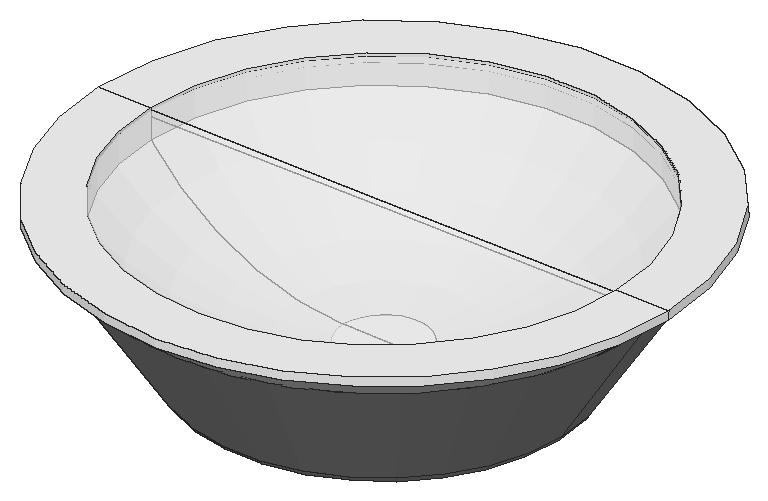
Revit family "0030304", category Lighting Fixtures, host Face, Revit 2016
Family settings
  Host = Face
  Part Type = Normal
  Round Connector Dimension = Use Diameter
  OmniClass Number = 23.80.70.00
  OmniClass Title = Lighting
  Cut with Voids When Loaded = No
  Light Source = Yes
  Shared = No
  Room Calculation Point = No
Parameters (values of type "0030304 Insaver Slim UGR19 IP44 205 2300lm 830")
  WidthBezel_SYL = if(Size1_SYL, 20 mm, if(Size2_SYL, 20 mm, if(Size3PIR_SYL, 30 mm, if(Size4_SYL, 20 mm, 20 mm))))  # 20 mm
  Weight = "8.64 kg"
  Wattage Comments = ""
  Wattage = 20 W
  WarrantyStartDate [instance] = "n/a"
  WarrantyGuarantorParts = "n/a"
  WarrantyDurationUnit = "n/a"
  WarrantyDurationParts = "n/a"
  WarrantyDescription = "n/a"
  built-in parameter 1150110 = 1 (stored number, unit not read)
  Voltage = 230 V
  VisibilityPIR_SYL = Size3PIR_SYL  # no
  URL = "http://www.sylvania-lighting.com"
  TypeName = "Insaver Slim UGR19 IP44 205 2300lm 830"
  Type Image = <None>
  Type Comments = "n/a"
  built-in parameter 1114217 = 1 (stored number, unit not read)
  Tilt Angle = -90.00°
  built-in parameter 1150109 = 1 (stored number, unit not read)
  built-in parameter 1150134 = (empty or 0)
  built-in parameter 1150113 = 1 (stored number, unit not read)
  Size4_SYL = yes
  Size3PIR_SYL = no
  Size2_SYL = no
  Size1_SYL = no
  SerialNumber [instance] = "n/a"
  RadiusTop_SYL = 6 mm
  RadiusReflector_SYL = if(Size1_SYL, 85 mm, if(Size2_SYL, 85 mm, if(Size3PIR_SYL, 85 mm, if(Size4_SYL, 100 mm, 120 mm))))  # 100 mm
  Photometric Web File = "0030304.ies"
  Material_3_FEILO = Top-Sylvania-STARTDownlight
  PowerFactor = 0.9
  PowerConsumption = "20 W"
  NominalLength = 220 mm
  NominalHeight = 60 mm
  NominalDepth = 220 mm
  Name = "Insaver Slim UGR19 IP44 205 2300lm 830"
  ModelReference = Name  # "Insaver Slim UGR19 IP44 205 2300lm 830"
  ModelNumber = "0030304"
  Model = Name  # "Insaver Slim UGR19 IP44 205 2300lm 830"
  Material = "aluminium housing, na diffuser"
  ManufacturerName = "Feilo Sylvania"
  Manufacturer = "Feilo Sylvania"
  LuminousEfficacy = "115 lm/W"
  built-in parameter 1150105 = 183.03 (stored number, unit not read)
  Lumens = 2300 lm
  LuminaireType = ""
  built-in parameter 1150115 = 1 (stored number, unit not read)
  LightOutputRatio = "n/a"
  built-in parameter 1150137 = (empty or 0)
  built-in parameter 1150139 = (empty or 0)
  LampsType = Lamp  # "LED"
  LampNominalLuminous = "2300 lm"
  LampMacAdamStep = "5"
  LampColourTemperature = "3000 K"
  LampColourRenderingIndex = "80"
  built-in parameter 1150112 = 1 (stored number, unit not read)
  built-in parameter 1150114 = 1 (stored number, unit not read)
  Lamp = "LED"
  Keynote = "16500"
  InstallationDate [instance] = "n/a"
  InputVoltage = "AC 220-240 V"
  InputNominalFrequency = "50/60 Hz"
  built-in parameter 1150132 = (empty or 0)
  built-in parameter 1150102 = (empty or 0)
  built-in parameter 1150107 = 3000 (stored number, unit not read)
  built-in parameter 1150138 = (empty or 0)
  IngressProtection = "IP40/20"
  ImpactProtectionIndex = "IK07"
  built-in parameter 1150106 = 1.8303 (stored number, unit not read)
  IfcExportType = "IfcLightFixtureType"
  IfcExportAs = "IfcLightFixtureType"
  Height_SYL = if(Size1_SYL, 61 mm, if(Size2_SYL, 61 mm, if(Size3PIR_SYL, 61 mm, if(Size4_SYL, 61 mm, 60 mm))))  # 61 mm
  HeightBezel_SYL = if(Size1_SYL, 3 mm, if(Size2_SYL, 3 mm, if(Size3PIR_SYL, 3 mm, if(Size4_SYL, 3.2 mm, 3 mm))))  # 3.2 mm
  ExpectedLife = 50000
  Emit from Circle Diameter = Diameter_SYL - 40 mm  # 180 mm
  Emit Shape Visible in Rendering = no
  ElectricShockClassification = "Class II"
  built-in parameter 1150104 = 10.684 (stored number, unit not read)
  DurationUnit = "hours"
  DocumentationLiterature = "http://www.sylvania-lighting.com/product/en-int/products/0030304"
  DimmingControlOptions = "n/a"
  Material_2_FEILO = Diffuser-Sylvania-STARTDownlight
  Dimming Lamp Color Temperature Shift = <None>
  Diameter_SYL = if(Size1_SYL, 165 mm, if(Size2_SYL, 190 mm, if(Size3PIR_SYL, 211 mm, if(Size4_SYL, 220 mm, 240 mm))))  # 220 mm
  DiameterTop_SYL = if(Size1_SYL, 98 mm, if(Size2_SYL, 122 mm, if(Size3PIR_SYL, 120 mm, if(Size4_SYL, 135 mm, 158 mm))))  # 135 mm
  DiameterTopBase_SYL = DiameterRecess_SYL  # 200 mm
  DiameterRecess_SYL = if(Size1_SYL, 150 mm, if(Size2_SYL, 170 mm, if(Size3PIR_SYL, 186 mm, if(Size4_SYL, 200 mm, 225 mm))))  # 200 mm
  Description = ""
  Default Elevation = 1219.2 mm
  CreatedOn = "3/18/2019"
  CreatedBy = "@sylvania-lighting.com"
  Cost = 0
  Color Filter = 16777215
  built-in parameter 1114216 [instance] = (empty or 0)
  ClassificationValue = "EF_70_80"
  ClassificationName = "Uniclass2015"
  Material_1_FEILO = Trim-Sylvania-STARTDownlight-White
  BarCode [instance] = "n/a"
  built-in parameter 1114218 = 1 (stored number, unit not read)
  built-in parameter 1150133 = 10 (stored number, unit not read)
  AssetType = "Fixed"
  AssetIdentifier [instance] = "n/a"
  Assembly Code = "D5020200"
  Apparent Load = 20 VA
  Material_4_FEILO = LED-Sylvania-STARTDownlight
Types (2, lengths in mm): name | Wattage | Photometric Web File | PowerConsumption | LuminousEfficacy | built-in parameter 1150105 | Lumens | LampNominalLuminous | built-in parameter 1150106 | built-in parameter 1150104 | Apparent Load
  0030304 Insaver Slim UGR19 IP44 205 2300lm 830 | 20 W | "0030304.ies" | "20 W" | "115 lm/W" | 183.03 (stored number, unit not read) | 2300 lm | "2300 lm" | 1.8303 (stored number, unit not read) | 10.684 (stored number, unit not read) | 20 VA
  0030304 Insaver Slim UGR19 IP44 205 2300lm 830 Emergency mode | 23 W | "0030304EM.ies" | "23 W" | "16.7 lm/W" | 30.566 (stored number, unit not read) | 384.1 lm | "384 lm" | 0.30566 (stored number, unit not read) | 1.5515 (stored number, unit not read) | 23 VA
Reference planes
  plane 1 "Center (Front/Back)": y = 0
  plane 2: z = 0
  plane 3 "Center (Left/Right)": x = 0
  plane 4: x = 110
  plane 5: x = -110
  plane 6: z = 3.2
  plane 7: z = -8
  plane 8: z = -57.8
  plane 9: x = -100
  plane 10: x = 100
  plane 11: x = -67.5
  plane 12: x = 67.5
  plane 13: z = -85
  plane 14: x = -90
  plane 15: z = 2.2
  plane 16: z = -45.8
  plane 17: x = -16
  plane 18: x = -95
  plane 19: x = -81.5
  plane 20: x = -99.5
  plane 21: x = -104
  plane 22: z = 5.7
  plane 23: z = 8.9
  plane 24: x = -103
  plane 25: z = 13.9
Forms (mm)
  Revolve 1, void
    sketch origin (0, 0, 0) x (1, 0, 0) y (0, 0, 1)
      loop
        line (0, 0) -> (-100, 0) -> (-100, -85) -> (0, -85) -> (0, 0)
      axis (0, 0) -> (0, -85)
    angle from 360 to 0
  Revolve 2, solid, material "Trim-Sylvania-STARTDownlight-White" <- "Material_1_FEILO"
    sketch origin (0, 0, 0) x (1, 0, 0) y (0, 0, 1)
      loop
        line (-90, 3.2) -> (-110, 3.2) -> (-110, 0) -> (-100, 0) -> (-100, -8) -> (-69.181, -54.568)
        arc (-69.181, -54.568) -> (-66.971, -56.929) -> (-63.857, -57.8) r 6
        line (-63.857, -57.8) -> (0, -57.8) -> (0, -45.8) -> (-16, -45.8)
        arc (-16, -45.8) -> (-57.112, -34.95) -> (-90, -8) r 100
        line (-90, -8) -> (-90, 3.2)
      axis (0, 3.2) -> (0, -57.8)
    angle from 360 to 0
  Revolve 3, solid, material "Diffuser-Sylvania-STARTDownlight" <- "Material_2_FEILO"
    sketch origin (0, 0, 0) x (1, 0, 0) y (0, 0, 1)
      loop
        line (-90, 0) -> (0, 0) -> (0, 2.2) -> (-90, 2.2) -> (-90, 0)
      axis (0, 2.2) -> (0, 0)
    angle from 360 to 0
  Revolve 4, solid, material "Trim-Sylvania-STARTDownlight-White" <- "Material_1_FEILO", visible <- "VisibilityPIR_SYL"
    sketch origin (0, 0, 0) x (1, 0, 0) y (0, 0, 1)
      loop
        line (-95, 3.2) -> (-95, 13.9)
        arc (-95, 13.9) -> (-99.717, 12.547) -> (-103, 8.9) r 8.9
        line (-103, 8.9) -> (-103, 5.7) -> (-104, 5.7) -> (-104, 3.2) -> (-95, 3.2)
      axis (-95, 13.9) -> (-95, 3.2)
    angle from 360 to 0
Dimensions and locks
  equal spacing: plane 4, plane 3 "Center (Left/Right)", plane 5
  "Diameter_SYL": plane 4 to plane 5
  equal spacing: plane 10, plane 3 "Center (Left/Right)", plane 9
  equal spacing: plane 12, plane 3 "Center (Left/Right)", plane 11
  "DiameterTop_SYL": plane 12 to plane 11
  "HeightBezel_SYL": plane 6 to plane 2
  "Height_SYL": plane 6 to plane 8
  locked: plane 2 to plane 7 at 8
  locked: plane 2 to plane 13 at 85
  "WidthBezel_SYL": plane 14 to plane 5
  locked: plane 6 to plane 15 at 1
  "DiameterRecess_SYL": plane 10 to plane 9
  locked: plane 3 "Center (Left/Right)" to plane 17 at 16
  locked: plane 16 to plane 8 at 12
  locked: plane 18 to plane 21 at 9
  locked: plane 22 to plane 6 at 2.5
  locked: plane 23 to plane 22 at 3.2
  locked: plane 18 to plane 24 at 8
  locked: plane 25 to plane 23 at 5
  locked: plane 25 to Revolve 4 sketch curve at 8.9
  locked: plane 18 to plane 5 at 15
  "RadiusReflector_SYL": radius of Revolve 2 sketch curve
  "RadiusTop_SYL": radius of Revolve 2 sketch curve
  aligned and locked: plane 2 to host face
  aligned and locked: level to host face
  aligned and locked: Revolve 1 sketch curve to plane 3 "Center (Left/Right)"
  aligned and locked: plane 3 "Center (Left/Right)" to Revolve 1 sketch curve
  aligned and locked: Revolve 1 sketch curve to plane 9
  aligned and locked: plane 13 to Revolve 1 sketch curve
  aligned and locked: plane 3 "Center (Left/Right)" to imposter light
  aligned and locked: imposter light to plane 15
  aligned and locked: imposter light to plane 1 "Center (Front/Back)"
  aligned and locked: Revolve 2 sketch curve to plane 3 "Center (Left/Right)"
  aligned and locked: Revolve 2 sketch curve to plane 6
  aligned and locked: Revolve 2 sketch curve to plane 5
  aligned and locked: Revolve 2 sketch curve to level
  aligned and locked: plane 7 to Revolve 2 sketch curve  (x2)
  aligned and locked: Revolve 2 sketch curve to plane 9
  aligned and locked: plane 8 to Revolve 2 sketch curve
  aligned and locked: Revolve 2 sketch curve to plane 14
  aligned and locked: plane 3 "Center (Left/Right)" to Revolve 2 sketch curve
  aligned and locked: Revolve 2 sketch curve to plane 16
  aligned and locked: Revolve 3 sketch curve to plane 3 "Center (Left/Right)"
  aligned and locked: Revolve 3 sketch curve to level
  aligned and locked: imposter light to Revolve 3 sketch curve  (x2)
  aligned and locked: Revolve 4 sketch curve to plane 18  (x2)
  aligned and locked: Revolve 4 sketch curve to plane 6
  aligned and locked: plane 22 to Revolve 4 sketch curve
  aligned and locked: plane 24 to Revolve 4 sketch curve
  aligned and locked: Revolve 4 sketch curve to Revolve 4 sketch curve
  aligned and locked: plane 21 to Revolve 4 sketch curve
Automatic sketch dimensions
  host sketch curve to host sketch curve = 2438.4 mm  (x2)
  plane 13 to Revolve 1 sketch curve = 524.6 mm
  Revolve 1 sketch curve to plane 6 = 2606.058 mm
  Revolve 1 sketch curve to level = 0 mm
  Revolve 2 sketch curve to plane 17 = 0 mm
  Revolve 2 sketch curve to plane 11 = 1.681 mm
  plane 11 to Revolve 2 sketch curve = 3.643 mm
  plane 13 to Revolve 2 sketch curve = 524.6 mm
  Revolve 2 sketch curve to Revolve 2 sketch curve = 2577.983 mm
  Revolve 3 sketch curve to plane 14 = 0 mm
  plane 13 to Revolve 3 sketch curve = 524.6 mm
  Revolve 3 sketch curve to plane 6 = 2606.058 mm
  Revolve 4 sketch curve to plane 23 = 0 mm
  plane 13 to Revolve 4 sketch curve = 524.6 mm
  Revolve 4 sketch curve to Revolve 4 sketch curve = 2595.358 mm
Connectors
  electrical at (0, 0, 0), driven by "Apparent Load", driven by "PowerFactor", driven by "Voltage"
    settings: index 1, voltage 230 V, apparent load 20 VA, apparent load phase1 0 VA, apparent load phase2 0 VA, apparent load phase3 0 VA, power factor 0.9, load classification "Lighting", number of poles 1, system type 30, power factor state 1, is connector primary yes, connector utility no, sub classification motor no, connector description ""
